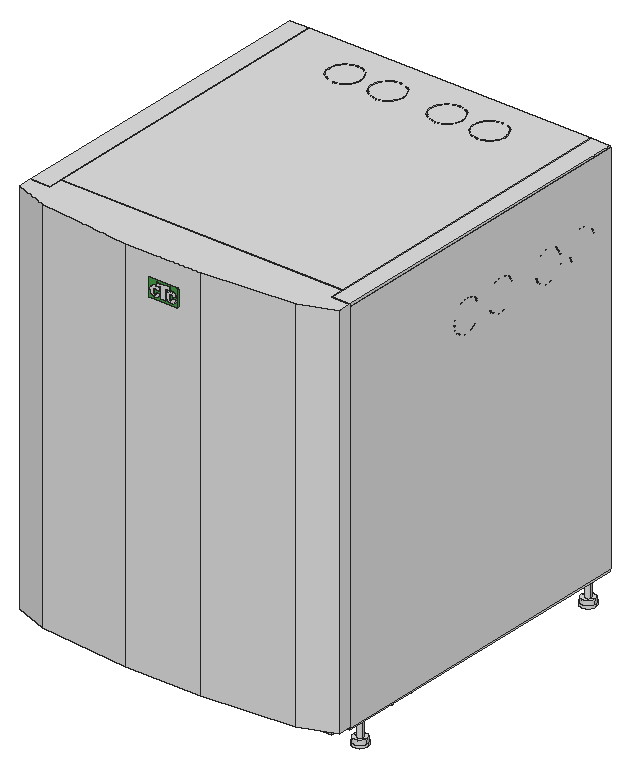
Revit family "HVAC_HeatPumpBW_Enertech_CTC-EcoPart-400", category Specialty Equipment, Revit 2020
Family settings
  Round Connector Dimension = Use Diameter
  Part Type = Normal
  OmniClass Number = 23.75.00.00
  OmniClass Title = Climate Control (HVAC)
  Work Plane-Based = No
  Always vertical = No
  Cut with Voids When Loaded = No
  Shared = No
  Room Calculation Point = No
Parameters (values of type "CTC EcoPart 406 - 230V1N")
  Weight = "150"
  WaterVolumeWaterSuply = "N/A"
  WaterVolumeHeathingSystem = "2.3 "
  WarrantyStartDate [instance] = "n/a"
  WarrantyGuarantorParts = "n/a"
  WarrantyGuarantorLabor = "n/a"
  WarrantyDurationUnit = "Year"
  WarrantyDurationParts = "n/a"
  WarrantyDurationLabor = "n/a"
  WarrantyDescription = "n/a"
  VersionDate = "14/05/2024"  # constant formula
  Version = "2"  # constant formula
  UsageCurrent = 0 A
  Uniclass2015Reference = "Pr_40_70_65"
  Uniclass2015Description = "Preparation catering equipment"
  Uniclass2 = "Pr_40_70_65"
  URL = "https://ctc-heating.com/products/ground-source-heating"
  UNSPSCCode = "40101806"
  Type Comments = ""
  Touchscreen = "no"
  TagNumber [instance] = "n/a"
  SustainabilityPerformance = "n/a"
  Status = "n/a"
  SpecifiedOutput_min: W35 & B 5 = 0 W
  SpecifiedOutput_min: W35 & B 10 = 0 W
  SpecifiedOutput_min: W35 & B 0 = 0 W
  SpecifiedOutput_max: W35 & B 5 = 6810 W
  SpecifiedOutput_max: W35 & B 10 = 7210 W
  SpecifiedOutput_max: W35 & B 0 = 5900 W
  SoundPowerLWA = "43"
  Sound pressureLPA 5m = "N/A"
  Sound pressureLPA 1m = "38"
  Sound pressureLPA 10m = "N/A"
  Size = "673x596x775 "
  Shape = "Rectangular"
  SerialNumber [instance] = "7301 xxxx xxxx"
  SCOPWarm W55 = " 3.4"
  SCOPWarm W35 = "4.6 "
  SCOPModerate W55 = "3.5"
  SCOPModerate W35 = "4.7 "
  SCOPCold W55 = "3.5"
  SCOPCold W35 = "4.8 "
  Revision = "2"  # constant formula
  ReplacementCost = "n/a"
  RefrigerantType = "R407C"
  RefrigerantQuantity = "1.9 "
  Reference = "n/a"
  RatedVoltage = 230 V
  RatedHeatOutputWarm Pdesigh W55 = 6000 W
  RatedHeatOutputWarm Pdesigh W35 = 6000 W
  RatedHeatOutputModerate Pdesigh W55 = 6000 W
  RatedHeatOutputModerate Pdesigh W35 = 7000 W
  RatedHeatOutputCold Pdesigh W55 = 6000 W
  RatedHeatOutputCold Pdesigh W35 = 6000 W
  RatedCurrent = 14 A
  PumpMainMaterial = Steel - White
  ProductInformation = "CTC EcoPart 400 is a series of  compact on/off geothermal heat pumps, without control and hot water preparation, able to meet the heating requirements of houses or small industrial premises. Availaible in six models 6-17 "
  PowerFactor = 0 W
  PhaseReference = "n/a"
  PhaseAngle = 0.00°
  OutputRangeIimmersionHeater = "N/A"
  NumberOfPoles = 1
  NominalWidth = 596 mm
  NominalVoltage = 230 V
  NominalHeight = 775 mm
  NominalFrequencyRange = 50 Hz
  NominalDepth = 673 mm
  NominalCurrent = 0 A
  Name = "CTC-EcoPart-400"  # constant formula
  NBSReference = "90-40-40/320"
  NBSDescription = "Air to water heat pumps"
  ModelReference = "n/a"
  ModelNumber = "585700011"
  MinimumCeilingHeight = "N/A"
  MaxStartingCurrent = "30"
  MaxOperatingPressureThermalStore = "6"
  MaxOperatingPressureHotWater = "N/A"
  Material = "Steel"
  ManufacturerURL = "https://ctc.se/"
  ManufacturerName = "CTC AB"
  Model = "CTC EcoPart 406"
  ManufacturerCountry = "Sweden"
  Manufacturer = "CTC AB"
  KvsValueProduct = "3.4"
  InsulationStandardClass = "n/a"
  InstallationDate [instance] = "n/a"
  InPutPower_min: W35 & B 5 = 0 W
  InPutPower_min: W35 & B 10 = 0 W
  InPutPower_min: W35 & B 0 = 0 W
  InPutPower_max: W35 & B 5 = 1300 W
  InPutPower_max: W35 & B 10 = 1390 W
  InPutPower_max: W35 & B 0 = 1290 W
  IfcExportType = "HEATER"  # constant formula
  IfcExportAs = "IfcElectricalDeviceCommon"  # constant formula
  IP_Code = "IP X1"
  HotTapWaterPerformance = "N/A"
  HasProtectiveEarth = yes
  GroupFuse = "16"
  Grade = "n/a"
  Finish = "n/a"
  Features = "n/a"
  ExpectedLife = "n/a"
  EnergyClass_HotWater_TapProfile = "N/A"
  EnergyClassHeatingWithoutControl W55 = "A++"
  EnergyClassHeatingWithoutControl W35 = "A+++"
  EnergyClassHeatingWithControl W55 = "A++"
  EnergyClassHeatingWithControl W35 = "A+++"
  ElectricalDeviceNominalPower = 0 W
  EANNumber = "7333077000509"
  DurationUnit = "Year"
  Description = "CTC EcoPart 400 is a series of  compact on/off geothermal heat pumps, without control and hot water preparation, able to meet the heating requirements of houses or small industrial premises. Availaible in six models 6-17 "
  Default Elevation = 0 mm
  Cost = 0
  Constituents = "n/a"
  ConductorFunction = "n/a"
  Color = "white"
  CodePerformance = "n/a"
  Capacity = "Fixed"
  COP_min: W35 & B 5 = 0 W
  COP_min: W35 & B 10 = 0 W
  COP_min: W35 & B 0 = 0 W
  COP_max: W35 & B 5 = 5.24 W
  COP_max: W35 & B 10 = 5.2 W
  COP_max: W35 & B 0 = 4.57 W
  CO2Equivalent = "3.370 "
  BrineSystem_Min_MaxPressure = "0.2 - 3.0 "
  Barcode [instance] = "n/a"
  AssetIdentifier [instance] = "n/a"
  Category = "Heat pumps, Geothermal"
  Brand = "CTC"
  BIMObjectName = "HVAC_HeatPumpBW_Enertech_CTC-EcoPart-400"  # constant formula
  Author = "BIMStone"  # constant formula
  AssetType = "Fixed"
  AirFlow nominal (m3/h) = "0"
  AirFlow max (m3/h) = "0"
  AccessibilityPerformance = "n/a"
Reference planes
  plane 1 "Center (Front/Back)": y = 0
  plane 2: z = 0
  plane 3 "Center (Left/Right)": x = 0
  plane 4: z = 760
  plane 5: y = 336.5
  plane 6: y = -336.5
  plane 7: x = -300
  plane 8: x = 300
Forms (mm)
  Extrusion 1, solid, material "Steel - White" <- "PumpMainMaterial", detail levels medium+fine
    sketch origin (0, 0, 0) x (1, 0, 0) y (0, 1, 0)
      loop
        line (-298, -272.514) -> (-298, -297.436) -> (-235.78, -322.165) -> (-70, -335) -> (70, -335) -> (235.78, -322.165) -> (298, -297.436) -> (298, -272.514) -> (263, -272.514) -> (263, -246.514) -> (-263, -246.514) -> (-263, -272.514) -> (-298, -272.514)
    from 760 to 52.5
  Extrusion 2, solid, material "Steel - White" <- "PumpMainMaterial", detail levels medium+fine
    sketch origin (0, 0, 0) x (1, 0, 0) y (0, 1, 0)
      loop
        line (-263, -246.514) -> (263, -246.514) -> (263, 332.5) -> (-263, 332.5) -> (-263, -246.514)
      loop
        line (261, 330.5) -> (-261, 330.5) -> (-261, -244.514) -> (261, -244.514) -> (261, 330.5)
    from 757 to 52.5
  Extrusion 3, solid, material "Steel - White" <- "PumpMainMaterial", detail levels medium+fine
    sketch origin (0, 0, 0) x (1, 0, 0) y (0, 1, 0)
      loop
        line (-263, 332.5) -> (-263, -246.514) -> (263, -246.514) -> (263, 332.5) -> (-263, 332.5)
    from 760 to 757
  Extrusion 4, solid, material "Steel - White" <- "PumpMainMaterial", detail levels medium+fine
    sketch origin (0, 0, 0) x (1, 0, 0) y (0, 1, 0)
      loop
        line (-300, -272.514) -> (-265, -272.514) -> (-265, 332.5) -> (-300, 332.5) -> (-300, -272.514)
      loop
        line (-267, 330.5) -> (-298, 330.5) -> (-298, -270.514) -> (-267, -270.514) -> (-267, 330.5)
      loop
        line (300, -272.514) -> (300, 332.5) -> (265, 332.5) -> (265, -272.514) -> (300, -272.514)
      loop
        line (267, 330.5) -> (267, -270.514) -> (298, -270.514) -> (298, 330.5) -> (267, 330.5)
    from 52.5 to 757
  Extrusion 5, solid, material "Steel - White" <- "PumpMainMaterial", detail levels medium+fine
    sketch origin (0, 0, 0) x (1, 0, 0) y (0, 1, 0)
      loop
        line (-298, -272.514) -> (-263, -272.514) -> (-263, 332.5) -> (-298, 332.5) -> (-298, -272.514)
      loop
        line (298, -272.514) -> (298, 332.5) -> (263, 332.5) -> (263, -272.514) -> (298, -272.514)
    from 757 to 760
  Extrusion 6, solid, material "Steel - White" <- "PumpMainMaterial", detail levels medium+fine
    sketch origin (0, 0, 0) x (1, 0, 0) y (0, 0, 1)
      loop
        line (-298, 52.518) -> (-298, 47.518) -> (-263, 47.518) -> (-263, 28) -> (263, 28) -> (263, 47.518) -> (298, 47.518) -> (298, 52.518) -> (-298, 52.518)
    from -332.5 to 272.514
  Extrusion 7, void
    sketch origin (0, 0, 0) x (1, 0, 0) y (0, 1, 0)
      loop
        arc (-135.992, 287.517) -> (-156.547, 278.605) -> (-165.459, 258.05) r 30.484
        line (-165.459, 258.05) -> (-163.458, 258.05)
        arc (-163.458, 258.05) -> (-155.133, 277.191) -> (-135.992, 285.516) r 28.484
        line (-135.992, 285.516) -> (-135.992, 287.517)
      loop
        line (-133.992, 287.517) -> (-133.992, 285.516)
        arc (-133.992, 285.516) -> (-114.851, 277.191) -> (-106.526, 258.05) r 28.484
        line (-106.526, 258.05) -> (-104.525, 258.05)
        arc (-104.525, 258.05) -> (-113.437, 278.605) -> (-133.992, 287.517) r 30.484
      loop
        arc (-165.459, 256.05) -> (-156.547, 235.495) -> (-135.992, 226.583) r 30.484
        line (-135.992, 226.583) -> (-135.992, 228.584)
        arc (-135.992, 228.584) -> (-155.133, 236.909) -> (-163.458, 256.05) r 28.484
        line (-163.458, 256.05) -> (-165.459, 256.05)
      loop
        line (-133.992, 228.584) -> (-133.992, 226.583)
        arc (-133.992, 226.583) -> (-113.437, 235.495) -> (-104.525, 256.05) r 30.484
        line (-104.525, 256.05) -> (-106.526, 256.05)
        arc (-106.526, 256.05) -> (-114.851, 236.909) -> (-133.992, 228.584) r 28.484
      loop
        arc (-55.992, 287.517) -> (-76.547, 278.605) -> (-85.459, 258.05) r 30.484
        line (-85.459, 258.05) -> (-83.458, 258.05)
        arc (-83.458, 258.05) -> (-75.133, 277.191) -> (-55.992, 285.516) r 28.484
        line (-55.992, 285.516) -> (-55.992, 287.517)
      loop
        line (-53.992, 287.517) -> (-53.992, 285.516)
        arc (-53.992, 285.516) -> (-34.851, 277.191) -> (-26.526, 258.05) r 28.484
        line (-26.526, 258.05) -> (-24.525, 258.05)
        arc (-24.525, 258.05) -> (-33.437, 278.605) -> (-53.992, 287.517) r 30.484
      loop
        arc (-85.459, 256.05) -> (-76.547, 235.495) -> (-55.992, 226.583) r 30.484
        line (-55.992, 226.583) -> (-55.992, 228.584)
        arc (-55.992, 228.584) -> (-75.133, 236.909) -> (-83.458, 256.05) r 28.484
        line (-83.458, 256.05) -> (-85.459, 256.05)
      loop
        line (-53.992, 228.584) -> (-53.992, 226.583)
        arc (-53.992, 226.583) -> (-33.437, 235.495) -> (-24.525, 256.05) r 30.484
        line (-24.525, 256.05) -> (-26.526, 256.05)
        arc (-26.526, 256.05) -> (-34.851, 236.909) -> (-53.992, 228.584) r 28.484
      loop
        line (135.992, 287.517) -> (135.992, 285.516)
        arc (135.992, 285.516) -> (155.133, 277.191) -> (163.458, 258.05) r 28.484
        line (163.458, 258.05) -> (165.459, 258.05)
        arc (165.459, 258.05) -> (156.547, 278.605) -> (135.992, 287.517) r 30.484
      loop
        arc (133.992, 287.517) -> (113.437, 278.605) -> (104.525, 258.05) r 30.484
        line (104.525, 258.05) -> (106.526, 258.05)
        arc (106.526, 258.05) -> (114.851, 277.191) -> (133.992, 285.516) r 28.484
        line (133.992, 285.516) -> (133.992, 287.517)
      loop
        line (165.459, 256.05) -> (163.458, 256.05)
        arc (163.458, 256.05) -> (155.133, 236.909) -> (135.992, 228.584) r 28.484
        line (135.992, 228.584) -> (135.992, 226.583)
        arc (135.992, 226.583) -> (156.547, 235.495) -> (165.459, 256.05) r 30.484
      loop
        arc (133.992, 228.584) -> (114.851, 236.909) -> (106.526, 256.05) r 28.484
        line (106.526, 256.05) -> (104.525, 256.05)
        arc (104.525, 256.05) -> (113.437, 235.495) -> (133.992, 226.583) r 30.484
        line (133.992, 226.583) -> (133.992, 228.584)
      loop
        line (55.992, 287.517) -> (55.992, 285.516)
        arc (55.992, 285.516) -> (75.133, 277.191) -> (83.458, 258.05) r 28.484
        line (83.458, 258.05) -> (85.459, 258.05)
        arc (85.459, 258.05) -> (76.547, 278.605) -> (55.992, 287.517) r 30.484
      loop
        arc (53.992, 287.517) -> (33.437, 278.605) -> (24.525, 258.05) r 30.484
        line (24.525, 258.05) -> (26.526, 258.05)
        arc (26.526, 258.05) -> (34.851, 277.191) -> (53.992, 285.516) r 28.484
        line (53.992, 285.516) -> (53.992, 287.517)
      loop
        line (85.459, 256.05) -> (83.458, 256.05)
        arc (83.458, 256.05) -> (75.133, 236.909) -> (55.992, 228.584) r 28.484
        line (55.992, 228.584) -> (55.992, 226.583)
        arc (55.992, 226.583) -> (76.547, 235.495) -> (85.459, 256.05) r 30.484
      loop
        arc (53.992, 228.584) -> (34.851, 236.909) -> (26.526, 256.05) r 28.484
        line (26.526, 256.05) -> (24.525, 256.05)
        arc (24.525, 256.05) -> (33.437, 235.495) -> (53.992, 226.583) r 30.484
        line (53.992, 226.583) -> (53.992, 228.584)
    from 750 to 770
  Extrusion 8, void
    sketch origin (0, 0, 0) x (0, 1, 0) y (0, 0, 1)
      loop
        line (266.984, 653.467) -> (266.984, 651.466)
        arc (266.984, 651.466) -> (286.125, 643.141) -> (294.45, 624) r 28.484
        line (294.45, 624) -> (296.451, 624)
        arc (296.451, 624) -> (287.539, 644.555) -> (266.984, 653.467) r 30.484
      loop
        arc (264.984, 653.467) -> (244.428, 644.555) -> (235.516, 624) r 30.484
        line (235.516, 624) -> (237.518, 624)
        arc (237.518, 624) -> (245.843, 643.141) -> (264.984, 651.466) r 28.484
        line (264.984, 651.466) -> (264.984, 653.467)
      loop
        line (296.451, 622) -> (294.45, 622)
        arc (294.45, 622) -> (286.125, 602.859) -> (266.984, 594.534) r 28.484
        line (266.984, 594.534) -> (266.984, 592.533)
        arc (266.984, 592.533) -> (287.539, 601.445) -> (296.451, 622) r 30.484
      loop
        arc (264.984, 594.534) -> (245.843, 602.859) -> (237.518, 622) r 28.484
        line (237.518, 622) -> (235.516, 622)
        arc (235.516, 622) -> (244.428, 601.445) -> (264.984, 592.533) r 30.484
        line (264.984, 592.533) -> (264.984, 594.534)
      loop
        line (186.984, 653.467) -> (186.984, 651.466)
        arc (186.984, 651.466) -> (206.125, 643.141) -> (214.45, 624) r 28.484
        line (214.45, 624) -> (216.451, 624)
        arc (216.451, 624) -> (207.539, 644.555) -> (186.984, 653.467) r 30.484
      loop
        arc (184.984, 653.467) -> (164.428, 644.555) -> (155.516, 624) r 30.484
        line (155.516, 624) -> (157.518, 624)
        arc (157.518, 624) -> (165.843, 643.141) -> (184.984, 651.466) r 28.484
        line (184.984, 651.466) -> (184.984, 653.467)
      loop
        line (216.451, 622) -> (214.45, 622)
        arc (214.45, 622) -> (206.125, 602.859) -> (186.984, 594.534) r 28.484
        line (186.984, 594.534) -> (186.984, 592.533)
        arc (186.984, 592.533) -> (207.539, 601.445) -> (216.451, 622) r 30.484
      loop
        arc (184.984, 594.534) -> (165.843, 602.859) -> (157.518, 622) r 28.484
        line (157.518, 622) -> (155.516, 622)
        arc (155.516, 622) -> (164.428, 601.445) -> (184.984, 592.533) r 30.484
        line (184.984, 592.533) -> (184.984, 594.534)
      loop
        arc (-5, 653.467) -> (-25.555, 644.555) -> (-34.467, 624) r 30.484
        line (-34.467, 624) -> (-32.466, 624)
        arc (-32.466, 624) -> (-24.141, 643.141) -> (-5, 651.466) r 28.484
        line (-5, 651.466) -> (-5, 653.467)
      loop
        line (-3, 653.467) -> (-3, 651.466)
        arc (-3, 651.466) -> (16.141, 643.141) -> (24.466, 624) r 28.484
        line (24.466, 624) -> (26.467, 624)
        arc (26.467, 624) -> (17.555, 644.555) -> (-3, 653.467) r 30.484
      loop
        arc (-34.467, 622) -> (-25.555, 601.445) -> (-5, 592.533) r 30.484
        line (-5, 592.533) -> (-5, 594.534)
        arc (-5, 594.534) -> (-24.141, 602.859) -> (-32.466, 622) r 28.484
        line (-32.466, 622) -> (-34.467, 622)
      loop
        line (-3, 594.534) -> (-3, 592.533)
        arc (-3, 592.533) -> (17.555, 601.445) -> (26.467, 622) r 30.484
        line (26.467, 622) -> (24.466, 622)
        arc (24.466, 622) -> (16.141, 602.859) -> (-3, 594.534) r 28.484
      loop
        arc (75, 653.467) -> (54.445, 644.555) -> (45.533, 624) r 30.484
        line (45.533, 624) -> (47.534, 624)
        arc (47.534, 624) -> (55.859, 643.141) -> (75, 651.466) r 28.484
        line (75, 651.466) -> (75, 653.467)
      loop
        line (77, 653.467) -> (77, 651.466)
        arc (77, 651.466) -> (96.141, 643.141) -> (104.466, 624) r 28.484
        line (104.466, 624) -> (106.467, 624)
        arc (106.467, 624) -> (97.555, 644.555) -> (77, 653.467) r 30.484
      loop
        arc (45.533, 622) -> (54.445, 601.445) -> (75, 592.533) r 30.484
        line (75, 592.533) -> (75, 594.534)
        arc (75, 594.534) -> (55.859, 602.859) -> (47.534, 622) r 28.484
        line (47.534, 622) -> (45.533, 622)
      loop
        line (77, 594.534) -> (77, 592.533)
        arc (77, 592.533) -> (97.555, 601.445) -> (106.467, 622) r 30.484
        line (106.467, 622) -> (104.466, 622)
        arc (104.466, 622) -> (96.141, 602.859) -> (77, 594.534) r 28.484
    from 424.394 to -413.715
  Extrusion 9, void
    sketch origin (0, 0, 0) x (1, 0, 0) y (0, 0, 1)
      loop
        line (135.984, 653.167) -> (135.984, 651.166)
        arc (135.984, 651.166) -> (155.125, 642.841) -> (163.45, 623.7) r 28.484
        line (163.45, 623.7) -> (165.451, 623.7)
        arc (165.451, 623.7) -> (156.539, 644.255) -> (135.984, 653.167) r 30.484
      loop
        arc (133.984, 653.167) -> (113.428, 644.255) -> (104.516, 623.7) r 30.484
        line (104.516, 623.7) -> (106.518, 623.7)
        arc (106.518, 623.7) -> (114.843, 642.841) -> (133.984, 651.166) r 28.484
        line (133.984, 651.166) -> (133.984, 653.167)
      loop
        line (165.451, 621.7) -> (163.45, 621.7)
        arc (163.45, 621.7) -> (155.125, 602.559) -> (135.984, 594.234) r 28.484
        line (135.984, 594.234) -> (135.984, 592.233)
        arc (135.984, 592.233) -> (156.539, 601.145) -> (165.451, 621.7) r 30.484
      loop
        arc (133.984, 594.234) -> (114.843, 602.559) -> (106.518, 621.7) r 28.484
        line (106.518, 621.7) -> (104.516, 621.7)
        arc (104.516, 621.7) -> (113.428, 601.145) -> (133.984, 592.233) r 30.484
        line (133.984, 592.233) -> (133.984, 594.234)
      loop
        line (55.984, 653.167) -> (55.984, 651.166)
        arc (55.984, 651.166) -> (75.125, 642.841) -> (83.45, 623.7) r 28.484
        line (83.45, 623.7) -> (85.451, 623.7)
        arc (85.451, 623.7) -> (76.539, 644.255) -> (55.984, 653.167) r 30.484
      loop
        arc (53.984, 653.167) -> (33.428, 644.255) -> (24.516, 623.7) r 30.484
        line (24.516, 623.7) -> (26.518, 623.7)
        arc (26.518, 623.7) -> (34.843, 642.841) -> (53.984, 651.166) r 28.484
        line (53.984, 651.166) -> (53.984, 653.167)
      loop
        line (85.451, 621.7) -> (83.45, 621.7)
        arc (83.45, 621.7) -> (75.125, 602.559) -> (55.984, 594.234) r 28.484
        line (55.984, 594.234) -> (55.984, 592.233)
        arc (55.984, 592.233) -> (76.539, 601.145) -> (85.451, 621.7) r 30.484
      loop
        arc (53.984, 594.234) -> (34.843, 602.559) -> (26.518, 621.7) r 28.484
        line (26.518, 621.7) -> (24.516, 621.7)
        arc (24.516, 621.7) -> (33.428, 601.145) -> (53.984, 592.233) r 30.484
        line (53.984, 592.233) -> (53.984, 594.234)
      loop
        arc (-136, 653.167) -> (-156.555, 644.255) -> (-165.467, 623.7) r 30.484
        line (-165.467, 623.7) -> (-163.466, 623.7)
        arc (-163.466, 623.7) -> (-155.141, 642.841) -> (-136, 651.166) r 28.484
        line (-136, 651.166) -> (-136, 653.167)
      loop
        line (-134, 653.167) -> (-134, 651.166)
        arc (-134, 651.166) -> (-114.859, 642.841) -> (-106.534, 623.7) r 28.484
        line (-106.534, 623.7) -> (-104.533, 623.7)
        arc (-104.533, 623.7) -> (-113.445, 644.255) -> (-134, 653.167) r 30.484
      loop
        arc (-165.467, 621.7) -> (-156.555, 601.145) -> (-136, 592.233) r 30.484
        line (-136, 592.233) -> (-136, 594.234)
        arc (-136, 594.234) -> (-155.141, 602.559) -> (-163.466, 621.7) r 28.484
        line (-163.466, 621.7) -> (-165.467, 621.7)
      loop
        line (-134, 594.234) -> (-134, 592.233)
        arc (-134, 592.233) -> (-113.445, 601.145) -> (-104.533, 621.7) r 30.484
        line (-104.533, 621.7) -> (-106.534, 621.7)
        arc (-106.534, 621.7) -> (-114.859, 602.559) -> (-134, 594.234) r 28.484
      loop
        arc (-56, 653.167) -> (-76.555, 644.255) -> (-85.467, 623.7) r 30.484
        line (-85.467, 623.7) -> (-83.466, 623.7)
        arc (-83.466, 623.7) -> (-75.141, 642.841) -> (-56, 651.166) r 28.484
        line (-56, 651.166) -> (-56, 653.167)
      loop
        line (-54, 653.167) -> (-54, 651.166)
        arc (-54, 651.166) -> (-34.859, 642.841) -> (-26.534, 623.7) r 28.484
        line (-26.534, 623.7) -> (-24.533, 623.7)
        arc (-24.533, 623.7) -> (-33.445, 644.255) -> (-54, 653.167) r 30.484
      loop
        arc (-85.467, 621.7) -> (-76.555, 601.145) -> (-56, 592.233) r 30.484
        line (-56, 592.233) -> (-56, 594.234)
        arc (-56, 594.234) -> (-75.141, 602.559) -> (-83.466, 621.7) r 28.484
        line (-83.466, 621.7) -> (-85.467, 621.7)
      loop
        line (-54, 594.234) -> (-54, 592.233)
        arc (-54, 592.233) -> (-33.445, 601.145) -> (-24.533, 621.7) r 30.484
        line (-24.533, 621.7) -> (-26.534, 621.7)
        arc (-26.534, 621.7) -> (-34.859, 602.559) -> (-54, 594.234) r 28.484
    from -303.059 to -336
  Extrusion 10, solid, material "Steel - White" <- "PumpMainMaterial", detail levels medium+fine
    sketch origin (-2, -3.5, 0) x (1, 0, 0) y (0, 0, 1)
      loop
        circle (-280.5, 727) r 14
      loop
        circle (-280.5, 727) r 12.4
      loop
        circle (284.5, 727) r 14
      loop
        circle (284.5, 727) r 12.4
    from -336 to -340
  Extrusion 11, solid, material "Steel - White" <- "PumpMainMaterial", detail levels medium+fine
    sketch origin (0, 0, 0) x (0, 1, 0) y (0, 0, 1)
      loop
        line (-117.429, 26) -> (-99.086, 26)
        arc (-99.086, 26) -> (-98.32, 25.848) -> (-97.671, 25.414) r 2
        line (-97.671, 25.414) -> (-89.085, 16.828)
        arc (-89.085, 16.828) -> (-86.256, 15.656) -> (-83.428, 16.828) r 4
        line (-83.428, 16.828) -> (-75.261, 24.995) -> (-76.675, 26.409) -> (-84.842, 18.242)
        arc (-84.842, 18.242) -> (-86.256, 17.656) -> (-87.671, 18.242) r 2
        line (-87.671, 18.242) -> (-96.257, 26.828)
        arc (-96.257, 26.828) -> (-97.555, 27.696) -> (-99.086, 28) r 4
        line (-99.086, 28) -> (-117.429, 28)
        arc (-117.429, 28) -> (-118.96, 27.696) -> (-120.257, 26.828) r 4
        line (-120.257, 26.828) -> (-128.844, 18.242)
        arc (-128.844, 18.242) -> (-130.258, 17.656) -> (-131.672, 18.242) r 2
        line (-131.672, 18.242) -> (-139.839, 26.409) -> (-141.253, 24.995) -> (-133.086, 16.828)
        arc (-133.086, 16.828) -> (-130.258, 15.656) -> (-127.429, 16.828) r 4
        line (-127.429, 16.828) -> (-118.843, 25.414)
        arc (-118.843, 25.414) -> (-118.194, 25.848) -> (-117.429, 26) r 2
      loop
        arc (180.914, 26) -> (181.68, 25.848) -> (182.329, 25.414) r 2
        line (182.329, 25.414) -> (190.915, 16.828)
        arc (190.915, 16.828) -> (193.744, 15.656) -> (196.572, 16.828) r 4
        line (196.572, 16.828) -> (204.739, 24.995) -> (203.325, 26.409) -> (195.158, 18.242)
        arc (195.158, 18.242) -> (193.744, 17.656) -> (192.329, 18.242) r 2
        line (192.329, 18.242) -> (183.743, 26.828)
        arc (183.743, 26.828) -> (182.445, 27.696) -> (180.914, 28) r 4
        line (180.914, 28) -> (162.571, 28)
        arc (162.571, 28) -> (161.04, 27.696) -> (159.743, 26.828) r 4
        line (159.743, 26.828) -> (151.156, 18.242)
        arc (151.156, 18.242) -> (149.742, 17.656) -> (148.328, 18.242) r 2
        line (148.328, 18.242) -> (140.161, 26.409) -> (138.747, 24.995) -> (146.914, 16.828)
        arc (146.914, 16.828) -> (149.742, 15.656) -> (152.571, 16.828) r 4
        line (152.571, 16.828) -> (161.157, 25.414)
        arc (161.157, 25.414) -> (161.806, 25.848) -> (162.571, 26) r 2
        line (162.571, 26) -> (180.914, 26)
    from 263 to -263
  Revolve 12, solid, material "Steel - White" <- "PumpMainMaterial", detail levels medium+fine
    sketch origin (-2, 303.895, 0) x (1, 0, 0) y (0, 0, 1)
      loop
        line (-279.5, 12) -> (-279.5, 0) -> (-265.125, 0) -> (-265.125, 4) -> (-267.125, 4) -> (-267.125, 12) -> (-279.5, 12)
      axis (-279.5, 12) -> (-279.5, 0)
    angle from 0 to 360
  Revolve 13, solid, material "Steel - White" <- "PumpMainMaterial", detail levels medium+fine
    sketch origin (2, 303.895, 0) x (-1, 0, 0) y (0, 0, 1)
      loop
        line (-279.5, 12) -> (-279.5, 0) -> (-265.125, 0) -> (-265.125, 4) -> (-267.125, 4) -> (-267.125, 12) -> (-279.5, 12)
      axis (-279.5, 12) -> (-279.5, 0)
    angle from 0 to 360
  Revolve 14, solid, material "Steel - White" <- "PumpMainMaterial", detail levels medium+fine
    sketch origin (-2, -228.139, 0) x (1, 0, 0) y (0, 0, 1)
      loop
        line (-279.5, 12) -> (-279.5, 0) -> (-265.125, 0) -> (-265.125, 4) -> (-267.125, 4) -> (-267.125, 12) -> (-279.5, 12)
      axis (-279.5, 12) -> (-279.5, 0)
    angle from 0 to 360
  Revolve 15, solid, material "Steel - White" <- "PumpMainMaterial", detail levels medium+fine
    sketch origin (2, -228.139, 0) x (-1, 0, 0) y (0, 0, 1)
      loop
        line (-279.5, 12) -> (-279.5, 0) -> (-265.125, 0) -> (-265.125, 4) -> (-267.125, 4) -> (-267.125, 12) -> (-279.5, 12)
      axis (-279.5, 12) -> (-279.5, 0)
    angle from 0 to 360
  Extrusion 16, solid, material "Steel - White" <- "PumpMainMaterial", detail levels medium+fine
    sketch origin (0, 0, 0) x (1, 0, 0) y (0, 1, 0)
      loop
        circle (-281.5, 303.895) r 5
      loop
        circle (-281.5, -228.139) r 5
      loop
        circle (281.5, 303.895) r 5
      loop
        circle (281.5, -228.139) r 5
    from 47.518 to 12
  Extrusion 17, solid, material "Green", detail levels medium+fine
    sketch origin (0, 0, 33) x (1, 0, 0) y (0, 0, 1)
      loop
        arc (-25.5, 686.518) -> (-26.914, 685.932) -> (-27.5, 684.518) r 2
        line (-27.5, 684.518) -> (-27.5, 655.518)
        arc (-27.5, 655.518) -> (-26.914, 654.103) -> (-25.5, 653.518) r 2
        line (-25.5, 653.518) -> (25.5, 653.518)
        arc (25.5, 653.518) -> (26.914, 654.103) -> (27.5, 655.518) r 2
        line (27.5, 655.518) -> (27.5, 684.518)
        arc (27.5, 684.518) -> (26.914, 685.932) -> (25.5, 686.518) r 2
        line (25.5, 686.518) -> (-25.5, 686.518)
    from 335.5 to 335
  Extrusion 18, solid, material "Steel - White" <- "PumpMainMaterial", detail levels medium+fine
    sketch origin (0, 0, 0) x (1, 0, 0) y (0, 0, 1)
      loop
        line (3.815, 710.351) -> (11.698, 710.357) -> (11.698, 715.677) -> (-11.698, 715.677) -> (-11.698, 710.336) -> (-3.818, 710.344) -> (-3.81, 690.398) -> (3.815, 690.398) -> (3.815, 710.351)
      loop
        spline (24.54, 702.497) -> (22.341, 706.572) -> (18.495, 709.152) -> (13.888, 709.644) -> (9.584, 707.934) -> (6.572, 704.417) -> (5.548, 699.902) -> (6.747, 695.43) -> (9.893, 692.032) -> (14.261, 690.49) -> (18.844, 691.161) -> (22.587, 693.888) -> (24.627, 698.045)
        line (24.627, 698.045) -> (18.433, 698.045)
        spline (18.433, 698.045) -> (17.635, 695.915) -> (16.341, 694.569) -> (14.815, 694.279) -> (13.364, 695.105) -> (12.285, 696.88) -> (11.795, 699.242) -> (11.994, 701.714) -> (12.842, 703.793) -> (14.166, 705.058) -> (15.698, 705.253) -> (17.128, 704.337) -> (18.165, 702.497)
        line (18.165, 702.497) -> (24.54, 702.497)
      loop
        spline (-5.46, 702.497) -> (-7.659, 706.572) -> (-11.505, 709.152) -> (-16.112, 709.644) -> (-20.416, 707.934) -> (-23.428, 704.417) -> (-24.452, 699.902) -> (-23.253, 695.43) -> (-20.107, 692.032) -> (-15.739, 690.49) -> (-11.156, 691.161) -> (-7.413, 693.888) -> (-5.373, 698.045)
        line (-5.373, 698.045) -> (-11.567, 698.045)
        spline (-11.567, 698.045) -> (-12.365, 695.915) -> (-13.659, 694.569) -> (-15.185, 694.279) -> (-16.636, 695.105) -> (-17.715, 696.88) -> (-18.205, 699.242) -> (-18.006, 701.714) -> (-17.158, 703.793) -> (-15.834, 705.058) -> (-14.302, 705.253) -> (-12.872, 704.337) -> (-11.835, 702.497)
        line (-11.835, 702.497) -> (-5.46, 702.497)
    from 336 to 335.5
  Extrusion 19, solid, material "Steel - White" <- "PumpMainMaterial", detail levels coarse
    sketch origin (0, 0, 0) x (1, 0, 0) y (0, 1, 0)
      loop
        line (-300, -336) -> (300, -336) -> (300, 336.5) -> (-300, 336.5) -> (-300, -336)
    from 760 to 0
  Extrusion 20, solid, detail levels medium+fine
    sketch origin (0, 0, 257) x (1, 0, 0) y (0, 1, 0)
      loop
        circle (-134.992, 257.05) r 28.484
      loop
        circle (-54.992, 257.05) r 28.484
      loop
        circle (54.992, 257.05) r 28.484
      loop
        circle (134.992, 257.05) r 28.484
    from 499 to 500
  Extrusion 21, solid, detail levels medium+fine
    sketch origin (0, -2, 0) x (1, 0, 0) y (0, 0, 1)
      loop
        circle (134.984, 622.7) r 28.484
      loop
        circle (54.984, 622.7) r 28.484
      loop
        circle (-55, 622.7) r 28.484
      loop
        circle (-135, 622.7) r 28.484
    from -331.5 to -332.5
  Extrusion 22, solid, detail levels fine
    sketch origin (0, 0, 0) x (0, 1, 0) y (0, 0, 1)
      loop
        circle (265.984, 623) r 28.484
      loop
        circle (185.984, 623) r 28.484
      loop
        circle (76, 623) r 28.484
      loop
        circle (-4, 623) r 28.484
    from -297 to -298
  Extrusion 23, solid, detail levels fine
    sketch origin (0, 0, 0) x (0, 1, 0) y (0, 0, -1)
      loop
        circle (265.984, -623) r 28.484
      loop
        circle (185.984, -623) r 28.484
      loop
        circle (76, -623) r 28.484
      loop
        circle (-4, -623) r 28.484
    from -297 to -298
Cuts and joins
  Extrusion 8 cuts Extrusion 4
  Extrusion 8 cuts Extrusion 5
  joined: Extrusion 4, Extrusion 5
  Extrusion 7, Extrusion 8, Extrusion 9 cuts Extrusion 2
  Extrusion 7, Extrusion 8, Extrusion 9 cuts Extrusion 3
  joined: Extrusion 2, Extrusion 3
  Extrusion 9 cuts Extrusion 1
Lines and regions (mm)
  symbolic lines, detail levels medium+fine
    curve 1: line (-296.5, 332.5, 0) -> (-296.5, 336.5, 0)
    curve 2: line (-296.5, 336.5, 0) -> (-268.5, 336.5, 0)
    curve 3: line (-268.5, 336.5, 0) -> (-268.5, 332.5, 0)
    curve 4: line (296.5, 332.5, 0) -> (296.5, 336.5, 0)
    curve 5: line (296.5, 336.5, 0) -> (268.5, 336.5, 0)
    curve 6: line (268.5, 336.5, 0) -> (268.5, 332.5, 0)
    curve 7: line (300, 332.5, 0) -> (296.5, 332.5, 0)
    curve 8: line (268.5, 332.5, 0) -> (-268.5, 332.5, 0)
    curve 9: line (-296.5, 332.5, 0) -> (-300, 332.5, 0)
    curve 10: line (-300, 332.5, 0) -> (-300, -297.436, 0)
    curve 11: line (-300, -297.436, 0) -> (-238.264, -321.973, 0)
    curve 12: line (-238.264, -321.973, 0) -> (-57.083, -336, 0)
    curve 13: line (57.083, -336, 0) -> (238.264, -321.973, 0)
    curve 14: line (238.264, -321.973, 0) -> (300, -297.436, 0)
    curve 15: line (300, -297.436, 0) -> (300, 332.5, 0)
    curve 16: line (-57.083, -336, 0) -> (57.083, -336, 0)
    curve 88: line (300, 0, 760) -> (-300, 0, 760)
    curve 89: line (-300, 0, 760) -> (-300, 0, 47.518)
    curve 90: line (-300, 0, 47.518) -> (-284.5, 0, 47.518)
    curve 91: line (-284.5, 0, 47.518) -> (-284.5, 0, 12)
    curve 92: line (-284.5, 0, 12) -> (-291.875, 0, 12)
    curve 93: line (-291.875, 0, 12) -> (-291.875, 0, 4)
    curve 95: line (-293.875, 0, 4) -> (-293.875, 0, 0)
    curve 96: line (-293.875, 0, 0) -> (-265.125, 0, 0)
    curve 97: line (-265.125, 0, 0) -> (-265.125, 0, 4)
    curve 99: line (-267.125, 0, 4) -> (-267.125, 0, 12)
    curve 100: line (-267.125, 0, 12) -> (-274.5, 0, 12)
    curve 101: line (-274.5, 0, 12) -> (-274.5, 0, 47.518)
    curve 102: line (-274.5, 0, 47.518) -> (-263, 0, 47.518)
    curve 103: line (-263, 0, 47.518) -> (-263, 0, 28)
    curve 104: line (-263, 0, 28) -> (-255.5, 0, 28)
    curve 105: line (-255.5, 0, 28) -> (-255.5, 0, 15.656)
    curve 106: line (-255.5, 0, 15.656) -> (255.5, 0, 15.656)
    curve 107: line (255.5, 0, 15.656) -> (255.5, 0, 28)
    curve 108: line (255.5, 0, 28) -> (263, 0, 28)
    curve 109: line (263, 0, 28) -> (263, 0, 47.518)
    curve 110: line (263, 0, 47.518) -> (274.5, 0, 47.518)
    curve 111: line (274.5, 0, 47.518) -> (274.5, 0, 12)
    curve 112: line (274.5, 0, 12) -> (267.125, 0, 12)
    curve 113: line (267.125, 0, 12) -> (267.125, 0, 4)
    curve 114: line (267.125, 0, 4) -> (265.125, 0, 4)
    curve 115: line (265.125, 0, 4) -> (265.125, 0, 0)
    curve 116: line (265.125, 0, 0) -> (293.875, 0, 0)
    curve 117: line (293.875, 0, 0) -> (293.875, 0, 4)
    curve 118: line (293.875, 0, 4) -> (291.875, 0, 4)
    curve 119: line (291.875, 0, 4) -> (291.875, 0, 12)
    curve 120: line (291.875, 0, 12) -> (284.5, 0, 12)
    curve 121: line (284.5, 0, 12) -> (284.5, 0, 47.518)
    curve 122: line (284.5, 0, 47.518) -> (300, 0, 47.518)
    curve 123: line (300, 0, 47.518) -> (300, 0, 760)
    curve 162: line (0, 305.395, 12) -> (0, 305.395, 28)
    curve 163: line (0, 305.395, 28) -> (0, 332.5, 28)
    curve 164: line (0, 305.395, 12) -> (0, 312.77, 12)
    curve 165: line (0, 312.77, 12) -> (0, 312.77, 4)
    curve 166: line (0, 312.77, 4) -> (0, 314.77, 4)
    curve 167: line (0, 314.77, 4) -> (0, 314.77, 0)
    curve 168: line (0, 314.77, 0) -> (0, 286.02, 0)
    curve 169: line (0, 286.02, 0) -> (0, 286.02, 4)
    curve 170: line (0, 286.02, 4) -> (0, 288.02, 4)
    curve 171: line (0, 288.02, 4) -> (0, 288.02, 12)
    curve 172: line (0, 288.02, 12) -> (0, 295.395, 12)
    curve 173: line (0, 295.395, 12) -> (0, 295.395, 28)
    curve 174: line (0, -223.139, 12) -> (0, -223.139, 28)
    curve 175: line (0, -223.139, 28) -> (0, 295.395, 28)
    curve 176: line (0, -223.139, 12) -> (0, -215.764, 12)
    curve 177: line (0, -215.764, 12) -> (0, -215.764, 4)
    curve 178: line (0, -215.764, 4) -> (0, -213.764, 4)
    curve 179: line (0, -213.764, 4) -> (0, -213.764, 0)
    curve 180: line (0, -213.764, 0) -> (0, -242.514, 0)
    curve 181: line (0, -242.514, 0) -> (0, -242.514, 4)
    curve 182: line (0, -242.514, 4) -> (0, -240.514, 4)
    curve 183: line (0, -240.514, 4) -> (0, -240.514, 12)
    curve 184: line (0, -240.514, 12) -> (0, -233.139, 12)
    curve 185: line (0, -233.139, 12) -> (0, -233.139, 28)
    curve 186: line (0, -233.139, 28) -> (0, -272.514, 28)
    curve 187: line (0, -272.514, 28) -> (0, -272.514, 52.5)
    curve 188: line (0, -272.514, 52.5) -> (0, -336, 52.5)
    curve 189: line (0, -336, 52.5) -> (0, -336, 760)
    curve 191: line (0, 332.5, 760) -> (0, 332.5, 741)
    curve 192: line (0, 332.5, 741) -> (0, 336.5, 741)
    curve 193: line (0, 336.5, 741) -> (0, 336.5, 713)
    curve 194: line (0, 336.5, 713) -> (0, 332.5, 713)
    curve 195: line (0, 332.5, 713) -> (0, 332.5, 28)
  symbolic lines, detail levels fine
    curve 17: line (-300, -272.514, 0) -> (-265, -272.514, 0)
    curve 18: line (-265, -272.514, 0) -> (-265, 332.5, 0)
    curve 19: line (-268.5, 332.5, 0) -> (-296.5, 332.5, 0)
    curve 20: line (268.5, 332.5, 0) -> (296.5, 332.5, 0)
    curve 21: line (265, 332.5, 0) -> (265, -272.514, 0)
    curve 22: line (265, -272.514, 0) -> (300, -272.514, 0)
    curve 23: line (265, -246.514, 0) -> (-265, -246.514, 0)
    curve 24: arc (-135.992, 287.517, 0) -> (-156.547, 278.605, 0) -> (-165.459, 258.05, 0) r 30.484
    curve 25: arc (-163.458, 258.05, 0) -> (-155.133, 277.191, 0) -> (-135.992, 285.516, 0) r 28.484
    curve 26: arc (-133.992, 285.516, 0) -> (-114.851, 277.191, 0) -> (-106.526, 258.05, 0) r 28.484
    curve 27: arc (-104.525, 258.05, 0) -> (-113.437, 278.605, 0) -> (-133.992, 287.517, 0) r 30.484
    curve 28: arc (-133.992, 226.583, 0) -> (-113.437, 235.495, 0) -> (-104.525, 256.05, 0) r 30.484
    curve 29: arc (-106.526, 256.05, 0) -> (-114.851, 236.909, 0) -> (-133.992, 228.584, 0) r 28.484
    curve 30: arc (-165.459, 256.05, 0) -> (-156.547, 235.495, 0) -> (-135.992, 226.583, 0) r 30.484
    curve 31: arc (-135.992, 228.584, 0) -> (-155.133, 236.909, 0) -> (-163.458, 256.05, 0) r 28.484
    curve 32: line (-133.992, 228.584, 0) -> (-133.992, 226.583, 0)
    curve 33: line (-135.992, 226.583, 0) -> (-135.992, 228.584, 0)
    curve 34: line (-163.458, 256.05, 0) -> (-165.459, 256.05, 0)
    curve 35: line (-165.459, 258.05, 0) -> (-163.458, 258.05, 0)
    curve 36: line (-135.992, 285.516, 0) -> (-135.992, 287.517, 0)
    curve 37: line (-133.992, 287.517, 0) -> (-133.992, 285.516, 0)
    curve 38: line (-106.526, 258.05, 0) -> (-104.525, 258.05, 0)
    curve 39: line (-104.525, 256.05, 0) -> (-106.526, 256.05, 0)
    curve 40: arc (-55.992, 287.517, 0) -> (-76.547, 278.605, 0) -> (-85.459, 258.05, 0) r 30.484
    curve 41: arc (-83.458, 258.05, 0) -> (-75.133, 277.191, 0) -> (-55.992, 285.516, 0) r 28.484
    curve 42: arc (-53.992, 285.516, 0) -> (-34.851, 277.191, 0) -> (-26.526, 258.05, 0) r 28.484
    curve 43: arc (-24.525, 258.05, 0) -> (-33.437, 278.605, 0) -> (-53.992, 287.517, 0) r 30.484
    curve 44: arc (-53.992, 226.583, 0) -> (-33.437, 235.495, 0) -> (-24.525, 256.05, 0) r 30.484
    curve 45: arc (-26.526, 256.05, 0) -> (-34.851, 236.909, 0) -> (-53.992, 228.584, 0) r 28.484
    curve 46: arc (-85.459, 256.05, 0) -> (-76.547, 235.495, 0) -> (-55.992, 226.583, 0) r 30.484
    curve 47: arc (-55.992, 228.584, 0) -> (-75.133, 236.909, 0) -> (-83.458, 256.05, 0) r 28.484
    curve 48: line (-53.992, 228.584, 0) -> (-53.992, 226.583, 0)
    curve 49: line (-55.992, 226.583, 0) -> (-55.992, 228.584, 0)
    curve 50: line (-83.458, 256.05, 0) -> (-85.459, 256.05, 0)
    curve 51: line (-85.459, 258.05, 0) -> (-83.458, 258.05, 0)
    curve 52: line (-55.992, 285.516, 0) -> (-55.992, 287.517, 0)
    curve 53: line (-53.992, 287.517, 0) -> (-53.992, 285.516, 0)
    curve 54: line (-26.526, 258.05, 0) -> (-24.525, 258.05, 0)
    curve 55: line (-24.525, 256.05, 0) -> (-26.526, 256.05, 0)
    curve 56: arc (135.992, 287.517, 0) -> (156.547, 278.605, 0) -> (165.459, 258.05, 0) r 30.484
    curve 57: arc (163.458, 258.05, 0) -> (155.133, 277.191, 0) -> (135.992, 285.516, 0) r 28.484
    curve 58: arc (133.992, 285.516, 0) -> (114.851, 277.191, 0) -> (106.526, 258.05, 0) r 28.484
    curve 59: arc (104.525, 258.05, 0) -> (113.437, 278.605, 0) -> (133.992, 287.517, 0) r 30.484
    curve 60: arc (133.992, 226.583, 0) -> (113.437, 235.495, 0) -> (104.525, 256.05, 0) r 30.484
    curve 61: arc (106.526, 256.05, 0) -> (114.851, 236.909, 0) -> (133.992, 228.584, 0) r 28.484
    curve 62: arc (165.459, 256.05, 0) -> (156.547, 235.495, 0) -> (135.992, 226.583, 0) r 30.484
    curve 63: arc (135.992, 228.584, 0) -> (155.133, 236.909, 0) -> (163.458, 256.05, 0) r 28.484
    curve 64: line (133.992, 228.584, 0) -> (133.992, 226.583, 0)
    curve 65: line (135.992, 226.583, 0) -> (135.992, 228.584, 0)
    curve 66: line (163.458, 256.05, 0) -> (165.459, 256.05, 0)
    curve 67: line (165.459, 258.05, 0) -> (163.458, 258.05, 0)
    curve 68: line (135.992, 285.516, 0) -> (135.992, 287.517, 0)
    curve 69: line (133.992, 287.517, 0) -> (133.992, 285.516, 0)
    curve 70: line (106.526, 258.05, 0) -> (104.525, 258.05, 0)
    curve 71: line (104.525, 256.05, 0) -> (106.526, 256.05, 0)
    curve 72: arc (55.992, 287.517, 0) -> (76.547, 278.605, 0) -> (85.459, 258.05, 0) r 30.484
    curve 73: arc (83.458, 258.05, 0) -> (75.133, 277.191, 0) -> (55.992, 285.516, 0) r 28.484
    curve 74: arc (53.992, 285.516, 0) -> (34.851, 277.191, 0) -> (26.526, 258.05, 0) r 28.484
    curve 75: arc (24.525, 258.05, 0) -> (33.437, 278.605, 0) -> (53.992, 287.517, 0) r 30.484
    curve 76: arc (53.992, 226.583, 0) -> (33.437, 235.495, 0) -> (24.525, 256.05, 0) r 30.484
    curve 77: arc (26.526, 256.05, 0) -> (34.851, 236.909, 0) -> (53.992, 228.584, 0) r 28.484
    curve 78: arc (85.459, 256.05, 0) -> (76.547, 235.495, 0) -> (55.992, 226.583, 0) r 30.484
    curve 79: arc (55.992, 228.584, 0) -> (75.133, 236.909, 0) -> (83.458, 256.05, 0) r 28.484
    curve 80: line (53.992, 228.584, 0) -> (53.992, 226.583, 0)
    curve 81: line (55.992, 226.583, 0) -> (55.992, 228.584, 0)
    curve 82: line (83.458, 256.05, 0) -> (85.459, 256.05, 0)
    curve 83: line (85.459, 258.05, 0) -> (83.458, 258.05, 0)
    curve 84: line (55.992, 285.516, 0) -> (55.992, 287.517, 0)
    curve 85: line (53.992, 287.517, 0) -> (53.992, 285.516, 0)
    curve 86: line (26.526, 258.05, 0) -> (24.525, 258.05, 0)
    curve 87: line (24.525, 256.05, 0) -> (26.526, 256.05, 0)
    curve 94: line (-291.875, 0, 4) -> (-293.875, 0, 4)
    curve 98: line (-265.125, 0, 4) -> (-267.125, 0, 4)
    curve 124: line (235.78, 0, 760) -> (235.78, 0, 52.518)
    curve 125: line (70, 0, 760) -> (70, 0, 52.518)
    curve 126: line (-70, 0, 760) -> (-70, 0, 52.518)
    curve 127: line (-235.78, 0, 760) -> (-235.78, 0, 52.518)
    curve 128: line (-300, 0, 52.518) -> (300, 0, 52.518)
    curve 129: line (25.5, 0, 719.518) -> (-25.5, 0, 719.518)
    curve 130: arc (27.5, 0, 717.518) -> (26.914, 0, 718.932) -> (25.5, 0, 719.518) r 2
    curve 131: line (27.5, 0, 688.518) -> (27.5, 0, 717.518)
    curve 132: arc (25.5, 0, 686.518) -> (26.914, 0, 687.103) -> (27.5, 0, 688.518) r 2
    curve 133: line (-25.5, 0, 686.518) -> (25.5, 0, 686.518)
    curve 134: arc (-27.5, 0, 688.518) -> (-26.914, 0, 687.103) -> (-25.5, 0, 686.518) r 2
    curve 135: line (-27.5, 0, 717.518) -> (-27.5, 0, 688.518)
    curve 136: arc (-25.5, 0, 719.518) -> (-26.914, 0, 718.932) -> (-27.5, 0, 717.518) r 2
    curve 137: spline (-5.46, 0, 702.497) -> (-7.659, 0, 706.572) -> (-11.505, 0, 709.152) -> (-16.112, 0, 709.644) -> (-20.416, 0, 707.934) -> (-23.428, 0, 704.417) -> (-24.452, 0, 699.902) -> (-23.253, 0, 695.43) -> (-20.107, 0, 692.032) -> (-15.739, 0, 690.49) -> (-11.156, 0, 691.161) -> (-7.413, 0, 693.888) -> (-5.373, 0, 698.045)
    curve 138: spline (-11.567, 0, 698.045) -> (-12.365, 0, 695.915) -> (-13.659, 0, 694.569) -> (-15.185, 0, 694.279) -> (-16.636, 0, 695.105) -> (-17.715, 0, 696.88) -> (-18.205, 0, 699.242) -> (-18.006, 0, 701.714) -> (-17.158, 0, 703.793) -> (-15.834, 0, 705.058) -> (-14.302, 0, 705.253) -> (-12.872, 0, 704.337) -> (-11.835, 0, 702.497)
    curve 139: line (-11.835, 0, 702.497) -> (-5.46, 0, 702.497)
    curve 140: line (-5.373, 0, 698.045) -> (-11.567, 0, 698.045)
    curve 141: line (-11.698, 0, 710.336) -> (-3.818, 0, 710.344)
    curve 142: line (-11.698, 0, 715.677) -> (-11.698, 0, 710.336)
    curve 143: line (11.698, 0, 715.677) -> (-11.698, 0, 715.677)
    curve 144: line (11.698, 0, 710.357) -> (11.698, 0, 715.677)
    curve 145: line (3.815, 0, 710.351) -> (11.698, 0, 710.357)
    curve 146: line (3.815, 0, 690.398) -> (3.815, 0, 710.351)
    curve 147: line (-3.818, 0, 710.344) -> (-3.81, 0, 690.398)
    curve 148: line (-3.81, 0, 690.398) -> (3.815, 0, 690.398)
    curve 149: spline (24.54, 0, 702.497) -> (22.341, 0, 706.572) -> (18.495, 0, 709.152) -> (13.888, 0, 709.644) -> (9.584, 0, 707.934) -> (6.572, 0, 704.417) -> (5.548, 0, 699.902) -> (6.747, 0, 695.43) -> (9.893, 0, 692.032) -> (14.261, 0, 690.49) -> (18.844, 0, 691.161) -> (22.587, 0, 693.888) -> (24.627, 0, 698.045)
    curve 150: spline (18.433, 0, 698.045) -> (17.635, 0, 695.915) -> (16.341, 0, 694.569) -> (14.815, 0, 694.279) -> (13.364, 0, 695.105) -> (12.285, 0, 696.88) -> (11.795, 0, 699.242) -> (11.994, 0, 701.714) -> (12.842, 0, 703.793) -> (14.166, 0, 705.058) -> (15.698, 0, 705.253) -> (17.128, 0, 704.337) -> (18.165, 0, 702.497)
    curve 151: line (18.165, 0, 702.497) -> (24.54, 0, 702.497)
    curve 152: line (24.627, 0, 698.045) -> (18.433, 0, 698.045)
    curve 153: line (-284.5, 0, 47.518) -> (-274.5, 0, 47.518)
    curve 154: line (-284.5, 0, 12) -> (-274.5, 0, 12)
    curve 155: line (-291.875, 0, 4) -> (-267.125, 0, 4)
    curve 156: line (274.5, 0, 47.518) -> (284.5, 0, 47.518)
    curve 157: line (274.5, 0, 12) -> (284.5, 0, 12)
    curve 158: line (267.125, 0, 4) -> (291.875, 0, 4)
    curve 159: line (255.5, 0, 28) -> (-255.5, 0, 28)
    curve 160: line (-255.5, 0, 26.409) -> (255.5, 0, 26.409)
    curve 161: line (255.5, 0, 24.995) -> (-255.5, 0, 24.995)
    curve 196: line (0, 332.5, 741) -> (0, 332.5, 713)
    curve 197: line (0, 305.395, 12) -> (0, 295.395, 12)
    curve 198: line (0, 312.77, 4) -> (0, 288.02, 4)
    curve 199: line (0, 305.395, 28) -> (0, 305.395, 47.518)
    curve 200: line (0, 295.395, 28) -> (0, 295.395, 47.518)
    curve 201: line (0, 332.5, 47.518) -> (0, -272.514, 47.518)
    curve 202: line (0, -272.514, 52.5) -> (0, 332.5, 52.5)
    curve 203: line (0, -223.139, 28) -> (0, -223.139, 47.518)
    curve 204: line (0, -233.139, 28) -> (0, -233.139, 47.518)
    curve 205: line (0, -223.139, 12) -> (0, -233.139, 12)
    curve 206: line (0, -215.764, 4) -> (0, -240.514, 4)
    curve 207: line (0, -127.429, 16.828) -> (0, -118.843, 25.414)
    curve 208: arc (0, -133.086, 16.828) -> (0, -130.258, 15.656) -> (0, -127.429, 16.828) r 4
    curve 209: line (0, -141.253, 24.995) -> (0, -133.086, 16.828)
    curve 210: line (0, -139.839, 26.409) -> (0, -141.253, 24.995)
    curve 211: line (0, -131.672, 18.242) -> (0, -139.839, 26.409)
    curve 212: arc (0, -128.844, 18.242) -> (0, -130.258, 17.656) -> (0, -131.672, 18.242) r 2
    curve 213: line (0, -120.257, 26.828) -> (0, -128.844, 18.242)
    curve 214: arc (0, -117.429, 28) -> (0, -118.96, 27.696) -> (0, -120.257, 26.828) r 4
    curve 215: arc (0, -118.843, 25.414) -> (0, -118.194, 25.848) -> (0, -117.429, 26) r 2
    curve 216: line (0, -117.429, 26) -> (0, -99.086, 26)
    curve 217: arc (0, -96.257, 26.828) -> (0, -97.555, 27.696) -> (0, -99.086, 28) r 4
    curve 218: arc (0, -99.086, 26) -> (0, -98.32, 25.848) -> (0, -97.671, 25.414) r 2
    curve 219: line (0, -97.671, 25.414) -> (0, -89.085, 16.828)
    curve 220: line (0, -87.671, 18.242) -> (0, -96.257, 26.828)
    curve 221: arc (0, -84.842, 18.242) -> (0, -86.256, 17.656) -> (0, -87.671, 18.242) r 2
    curve 222: arc (0, -89.085, 16.828) -> (0, -86.256, 15.656) -> (0, -83.428, 16.828) r 4
    curve 223: line (0, -83.428, 16.828) -> (0, -75.261, 24.995)
    curve 224: line (0, -76.675, 26.409) -> (0, -84.842, 18.242)
    curve 225: line (0, -75.261, 24.995) -> (0, -76.675, 26.409)
    curve 226: line (0, 152.571, 16.828) -> (0, 161.157, 25.414)
    curve 227: arc (0, 146.914, 16.828) -> (0, 149.742, 15.656) -> (0, 152.571, 16.828) r 4
    curve 228: line (0, 138.747, 24.995) -> (0, 146.914, 16.828)
    curve 229: line (0, 140.161, 26.409) -> (0, 138.747, 24.995)
    curve 230: line (0, 148.328, 18.242) -> (0, 140.161, 26.409)
    curve 231: arc (0, 151.156, 18.242) -> (0, 149.742, 17.656) -> (0, 148.328, 18.242) r 2
    curve 232: line (0, 159.743, 26.828) -> (0, 151.156, 18.242)
    curve 233: arc (0, 162.571, 28) -> (0, 161.04, 27.696) -> (0, 159.743, 26.828) r 4
    curve 234: arc (0, 161.157, 25.414) -> (0, 161.806, 25.848) -> (0, 162.571, 26) r 2
    curve 235: line (0, 162.571, 26) -> (0, 180.914, 26)
    curve 236: arc (0, 183.743, 26.828) -> (0, 182.445, 27.696) -> (0, 180.914, 28) r 4
    curve 237: arc (0, 180.914, 26) -> (0, 181.68, 25.848) -> (0, 182.329, 25.414) r 2
    curve 238: line (0, 182.329, 25.414) -> (0, 190.915, 16.828)
    curve 239: line (0, 192.329, 18.242) -> (0, 183.743, 26.828)
    curve 240: arc (0, 195.158, 18.242) -> (0, 193.744, 17.656) -> (0, 192.329, 18.242) r 2
    curve 241: arc (0, 190.915, 16.828) -> (0, 193.744, 15.656) -> (0, 196.572, 16.828) r 4
    curve 242: line (0, 196.572, 16.828) -> (0, 204.739, 24.995)
    curve 243: line (0, 203.325, 26.409) -> (0, 195.158, 18.242)
    curve 244: line (0, 204.739, 24.995) -> (0, 203.325, 26.409)
    curve 245: line (0, -272.514, 52.5) -> (0, -272.514, 760)
    curve 246: line (0, -297.436, 760) -> (0, -297.436, 52.5)
    curve 247: line (0, -322.165, 52.5) -> (0, -322.165, 760)
    curve 248: arc (0, 296.451, 624) -> (0, 287.539, 644.555) -> (0, 266.984, 653.467) r 30.484
    curve 249: arc (0, 266.984, 651.466) -> (0, 286.125, 643.141) -> (0, 294.45, 624) r 28.484
    curve 250: arc (0, 237.518, 624) -> (0, 245.843, 643.141) -> (0, 264.984, 651.466) r 28.484
    curve 251: arc (0, 264.984, 653.467) -> (0, 244.428, 644.555) -> (0, 235.516, 624) r 30.484
    curve 252: arc (0, 264.984, 594.534) -> (0, 245.843, 602.859) -> (0, 237.518, 622) r 28.484
    curve 253: arc (0, 235.516, 622) -> (0, 244.428, 601.445) -> (0, 264.984, 592.533) r 30.484
    curve 254: arc (0, 266.984, 592.533) -> (0, 287.539, 601.445) -> (0, 296.451, 622) r 30.484
    curve 255: arc (0, 294.45, 622) -> (0, 286.125, 602.859) -> (0, 266.984, 594.534) r 28.484
    curve 256: line (0, 266.984, 594.534) -> (0, 266.984, 592.533)
    curve 257: line (0, 264.984, 592.533) -> (0, 264.984, 594.534)
    curve 258: line (0, 296.451, 622) -> (0, 294.45, 622)
    curve 259: line (0, 294.45, 624) -> (0, 296.451, 624)
    curve 260: line (0, 235.516, 624) -> (0, 237.518, 624)
    curve 261: line (0, 237.518, 622) -> (0, 235.516, 622)
    curve 262: line (0, 266.984, 653.467) -> (0, 266.984, 651.466)
    curve 263: line (0, 264.984, 651.466) -> (0, 264.984, 653.467)
    curve 264: arc (0, 216.451, 624) -> (0, 207.539, 644.555) -> (0, 186.984, 653.467) r 30.484
    curve 265: arc (0, 186.984, 651.466) -> (0, 206.125, 643.141) -> (0, 214.45, 624) r 28.484
    curve 266: arc (0, 157.518, 624) -> (0, 165.843, 643.141) -> (0, 184.984, 651.466) r 28.484
    curve 267: arc (0, 184.984, 653.467) -> (0, 164.428, 644.555) -> (0, 155.516, 624) r 30.484
    curve 268: arc (0, 184.984, 594.534) -> (0, 165.843, 602.859) -> (0, 157.518, 622) r 28.484
    curve 269: arc (0, 155.516, 622) -> (0, 164.428, 601.445) -> (0, 184.984, 592.533) r 30.484
    curve 270: arc (0, 186.984, 592.533) -> (0, 207.539, 601.445) -> (0, 216.451, 622) r 30.484
    curve 271: arc (0, 214.45, 622) -> (0, 206.125, 602.859) -> (0, 186.984, 594.534) r 28.484
    curve 272: line (0, 186.984, 594.534) -> (0, 186.984, 592.533)
    curve 273: line (0, 184.984, 592.533) -> (0, 184.984, 594.534)
    curve 274: line (0, 216.451, 622) -> (0, 214.45, 622)
    curve 275: line (0, 214.45, 624) -> (0, 216.451, 624)
    curve 276: line (0, 155.516, 624) -> (0, 157.518, 624)
    curve 277: line (0, 157.518, 622) -> (0, 155.516, 622)
    curve 278: line (0, 186.984, 653.467) -> (0, 186.984, 651.466)
    curve 279: line (0, 184.984, 651.466) -> (0, 184.984, 653.467)
    curve 280: arc (0, 106.467, 624) -> (0, 97.555, 644.555) -> (0, 77, 653.467) r 30.484
    curve 281: arc (0, 77, 651.466) -> (0, 96.141, 643.141) -> (0, 104.466, 624) r 28.484
    curve 282: arc (0, 47.534, 624) -> (0, 55.859, 643.141) -> (0, 75, 651.466) r 28.484
    curve 283: arc (0, 75, 653.467) -> (0, 54.445, 644.555) -> (0, 45.533, 624) r 30.484
    curve 284: arc (0, 75, 594.534) -> (0, 55.859, 602.859) -> (0, 47.534, 622) r 28.484
    curve 285: arc (0, 45.533, 622) -> (0, 54.445, 601.445) -> (0, 75, 592.533) r 30.484
    curve 286: arc (0, 77, 592.533) -> (0, 97.555, 601.445) -> (0, 106.467, 622) r 30.484
    curve 287: arc (0, 104.466, 622) -> (0, 96.141, 602.859) -> (0, 77, 594.534) r 28.484
    curve 288: line (0, 77, 594.534) -> (0, 77, 592.533)
    curve 289: line (0, 75, 592.533) -> (0, 75, 594.534)
    curve 290: line (0, 106.467, 622) -> (0, 104.466, 622)
    curve 291: line (0, 104.466, 624) -> (0, 106.467, 624)
    curve 292: line (0, 45.533, 624) -> (0, 47.534, 624)
    curve 293: line (0, 47.534, 622) -> (0, 45.533, 622)
    curve 294: line (0, 77, 653.467) -> (0, 77, 651.466)
    curve 295: line (0, 75, 651.466) -> (0, 75, 653.467)
    curve 296: arc (0, 26.467, 624) -> (0, 17.555, 644.555) -> (0, -3, 653.467) r 30.484
    curve 297: arc (0, -3, 651.466) -> (0, 16.141, 643.141) -> (0, 24.466, 624) r 28.484
    curve 298: arc (0, -32.466, 624) -> (0, -24.141, 643.141) -> (0, -5, 651.466) r 28.484
    curve 299: arc (0, -5, 653.467) -> (0, -25.555, 644.555) -> (0, -34.467, 624) r 30.484
    curve 300: arc (0, -5, 594.534) -> (0, -24.141, 602.859) -> (0, -32.466, 622) r 28.484
    curve 301: arc (0, -34.467, 622) -> (0, -25.555, 601.445) -> (0, -5, 592.533) r 30.484
    curve 302: arc (0, -3, 592.533) -> (0, 17.555, 601.445) -> (0, 26.467, 622) r 30.484
    curve 303: arc (0, 24.466, 622) -> (0, 16.141, 602.859) -> (0, -3, 594.534) r 28.484
    curve 304: line (0, -3, 594.534) -> (0, -3, 592.533)
    curve 305: line (0, -5, 592.533) -> (0, -5, 594.534)
    curve 306: line (0, 26.467, 622) -> (0, 24.466, 622)
    curve 307: line (0, 24.466, 624) -> (0, 26.467, 624)
    curve 308: line (0, -34.467, 624) -> (0, -32.466, 624)
    curve 309: line (0, -32.466, 622) -> (0, -34.467, 622)
    curve 310: line (0, -3, 653.467) -> (0, -3, 651.466)
    curve 311: line (0, -5, 651.466) -> (0, -5, 653.467)
  symbolic lines
    curve 190: line (0, -336, 760) -> (0, 332.5, 760)
  symbolic lines, detail levels coarse
    curve 312: line (300, 332.5, 0) -> (300, -336, 0)
    curve 313: line (300, -336, 0) -> (-300, -336, 0)
    curve 314: line (-300, -336, 0) -> (-300, 332.5, 0)
    curve 315: line (0, 332.5, 0) -> (0, -336, 0)
    curve 316: line (0, -336, 0) -> (0, -336, 760)
Dimensions and locks
  locked: plane 4 to level at 760
  equal spacing: plane 5, plane 1 "Center (Front/Back)", plane 6
  "NominalDepth": plane 5 to plane 6
  equal spacing: plane 7, plane 3 "Center (Left/Right)", plane 8
  locked: plane 7 to plane 8 at 600
  aligned and locked: level to plane 2
Automatic sketch dimensions
  curve 24 to curve 25 = 0 mm  (x2)
  curve 24 to curve 26 = 0 mm  (x2)
  curve 24 to curve 27 = 0 mm  (x2)
  curve 24 to curve 28 = 0 mm  (x2)
  curve 24 to curve 29 = 0 mm  (x2)
  curve 24 to curve 30 = 0 mm  (x2)
  curve 24 to curve 31 = 0 mm  (x2)
  curve 25 to curve 26 = 0 mm  (x2)
  curve 25 to curve 27 = 0 mm  (x2)
  curve 25 to curve 28 = 0 mm  (x2)
  curve 25 to curve 29 = 0 mm  (x2)
  curve 25 to curve 30 = 0 mm  (x2)
  curve 25 to curve 31 = 0 mm  (x2)
  curve 26 to curve 27 = 0 mm  (x2)
  curve 26 to curve 28 = 0 mm  (x2)
  curve 26 to curve 29 = 0 mm  (x2)
  curve 26 to curve 30 = 0 mm  (x2)
  curve 26 to curve 31 = 0 mm  (x2)
  curve 27 to curve 28 = 0 mm  (x2)
  curve 27 to curve 29 = 0 mm  (x2)
  curve 27 to curve 30 = 0 mm  (x2)
  curve 27 to curve 31 = 0 mm  (x2)
  curve 28 to curve 29 = 0 mm  (x2)
  curve 28 to curve 30 = 0 mm  (x2)
  curve 28 to curve 31 = 0 mm  (x2)
  curve 29 to curve 30 = 0 mm  (x2)
  curve 29 to curve 31 = 0 mm  (x2)
  curve 30 to curve 31 = 0 mm  (x2)
  curve 40 to curve 41 = 0 mm  (x2)
  curve 40 to curve 42 = 0 mm  (x2)
  curve 40 to curve 43 = 0 mm  (x2)
  curve 40 to curve 44 = 0 mm  (x2)
  curve 40 to curve 45 = 0 mm  (x2)
  curve 40 to curve 46 = 0 mm  (x2)
  curve 40 to curve 47 = 0 mm  (x2)
  curve 41 to curve 42 = 0 mm  (x2)
  curve 41 to curve 43 = 0 mm  (x2)
  curve 41 to curve 44 = 0 mm  (x2)
  curve 41 to curve 45 = 0 mm  (x2)
  curve 41 to curve 46 = 0 mm  (x2)
  curve 41 to curve 47 = 0 mm  (x2)
